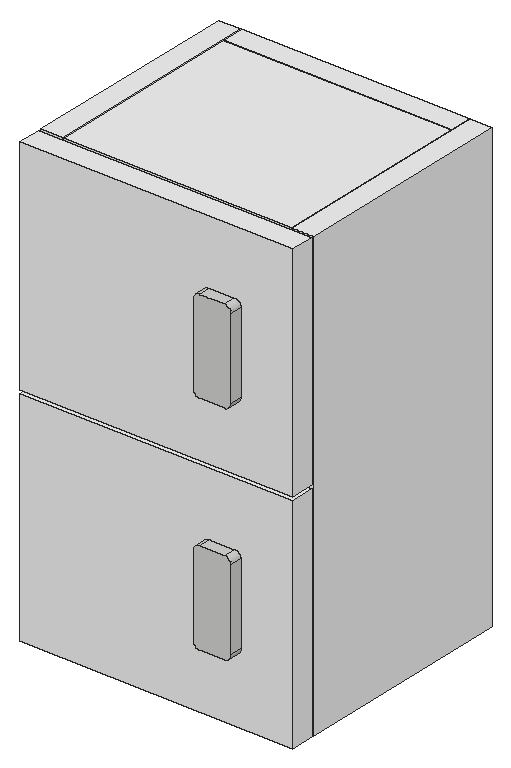
Revit family "Lockin Lockers AU_Mini Locker_R22", category Furniture, Revit 2022
Family settings
  OmniClass Number = 23.40.20.27
  OmniClass Title = Storage Shelving
  Work Plane-Based = Yes
  Always vertical = Yes
  Cut with Voids When Loaded = No
  Render Appearance Source = Family Geometry
  Shared = Yes
  Room Calculation Point = No
Parameters (values of type "Mini Locker 2 door (ML2)")
  Width Control = if(Desired Width > Maximum Width, Maximum Width, if(Desired Width < Minimum Width, Minimum Width, Desired Width))  # 220 mm
  URL = "https://www.lockin.com.au/lockers/mini-lockers/ml2-locker"
  TH Wall = 18 mm  # constant formula
  N_Shelves = N_Doors  # 2
  N_Doors = 2
  Locker Joint = 3 mm  # constant formula
  Height Control = if(Desired Height > Maximum Height, Maximum Height, if(Desired Height < Minimum Height, Minimum Height, Desired Height))  # 360 mm
  Minimum Width = 160 mm  # constant formula
  Minimum Height = 320 mm
  Minimum Depth = 200 mm  # constant formula
  Maximum Width = 220 mm  # constant formula
  Maximum Height = 400 mm
  Maximum Depth = 400 mm  # constant formula
  LH Door Swing [instance] = not(RH Door Swing)  # no
  Model = "ML2"
  Manufacturer = "Lockin Lockers AU"  # constant formula
  RH Door Swing [instance] = yes
  H Locker = (Height Control / (N_Doors)) - ((Locker Joint * (N_Doors - 1)) / N_Doors)  # 178.5 mm
  Door Type = Lockin_Locker Door_Standard_R22 : Standard Door/Combination Lock
  Door Material = Material - Melamine - Laminex or Polytec Finish
  Description = "Mini Locker 2 door"
  Depth Control = if(Desired Depth > Maximum Depth, Maximum Depth, if(Desired Depth < Minimum Depth, Minimum Depth, Desired Depth))  # 200 mm
  Default Elevation = 0 mm  # constant formula
  Desired Height = 360 mm
  Desired Depth = 200 mm
  Desired Width = 250 mm
  Body/Frame Material = Material - Melamine - Laminex or Polytec Finish
  Assembly Code = ""
Types (8, lengths in mm): name | URL | N_Shelves | N_Doors | Height Control | Minimum Height | Maximum Height | Model | H Locker | Description | Desired Height
  (no name) | "https://www.lockin.com.au/lockers/mini-lockers/ml2-locker" | 2 | 2 | 360 | 320 | 400 | "ML2" | 178.5 | "Mini Locker 2 door" | 360
  Mini Locker 2 door (ML2) | "https://www.lockin.com.au/lockers/mini-lockers/ml2-locker" | 2 | 2 | 360 | 320 | 400 | "ML2" | 178.5 | "Mini Locker 2 door" | 360
  Mini Locker 8 door (ML8) | "https://www.lockin.com.au/lockers/mini-lockers/ml8-locker" | 8 | 8 | 1440 | 1280 | 1600 | "ML8" | 177.375 | "Mini Locker 8 door" | 1440
  Mini Locker 3 door (ML3) | "https://www.lockin.com.au/lockers/mini-lockers/ml3-locker" | 3 | 3 | 540 | 480 | 600 | "ML3" | 178 | "Mini Locker 3 door" | 540
  Mini Locker 4 door (ML4) | "https://www.lockin.com.au/lockers/mini-lockers/ml4-locker" | 4 | 4 | 720 | 640 | 800 | "ML4" | 177.75 | "Mini Locker 4 door" | 720
  Mini Locker 5 door (ML5) | "https://www.lockin.com.au/lockers/mini-lockers/ml5-locker" | 5 | 5 | 900 | 800 | 1000 | "ML5" | 177.6 | "Mini Locker 5 door" | 900
  Mini Locker 6 door (ML6) | "https://www.lockin.com.au/lockers/mini-lockers/ml6-locker" | 6 | 6 | 1080 | 960 | 1200 | "ML6" | 177.5 | "Mini Locker 6 door" | 1080
  Mini Locker 7 door (ML7) | "https://www.lockin.com.au/lockers/mini-lockers/ml7-locker" | 7 | 7 | 1260 | 1120 | 1400 | "ML7" | 177.429 | "Mini Locker 7 door" | 1260
Reference planes
  plane 1 "Back": y = -2057.4
  plane 2 "Bottom": z = 0
  plane 3 "Right": x = 181.334
  plane 4 "Left": x = -38.666
  plane 5 "Front": y = -2257.4
  plane 6 "Left Inside": x = -20.666
  plane 7 "Front Inside": y = -2238.4
  plane 8 "Right Inside": x = 163.334
  plane 9 "Back Inside": y = -2075.4
  plane 10 "4P": z = 18
  plane 11 "Center (Left/Right)": x = 71.334
  plane 12 "Front Base": y = -2207.4
  plane 13 "Back Base": y = -2189.4
  plane 14 "Left5": y = -2236.4
  plane 15 "Bottom Shelf 1": z = 160.5
  plane 16 "Bottom Shelf 2": z = 342
  plane 17 "H Locker": z = 178.5
  plane 18 "Top Joint": z = 181.5
  plane 19 "Floating Shelf Front": y = -2343.4
  plane 20 "Center (Front/Back)": y = -2157.4
  plane 21: z = 360
  plane 22 "Top ref": z = 360
  plane 23: z = 342
Forms (mm)
  Extrusion 1, solid, material "Material - Melamine - Laminex or Polytec Finish" <- "Body/Frame Material"
    sketch origin (90, -2257.4, -1725.6) x (1, 0, 0) y (0, 0, 1)
      loop
        line (-110.666, 1725.6) -> (73.334, 1725.6) -> (73.334, 1743.6) -> (-110.666, 1743.6) -> (-110.666, 1725.6)
    from -182 to -21
  Extrusion 2, solid, material "Material - Melamine - Laminex or Polytec Finish" <- "Body/Frame Material"
    sketch origin (0, 0, 0) x (1, 0, 0) y (0, 1, 0)
      loop
        line (-38.666, -2057.4) -> (-38.666, -2236.4) -> (-20.666, -2236.4) -> (-20.666, -2057.4) -> (-38.666, -2057.4)
    from 0 to 360
  Extrusion 3, solid, material "Material - Melamine - Laminex or Polytec Finish" <- "Body/Frame Material"
    sketch origin (0, 0, 0) x (1, 0, 0) y (0, 1, 0)
      loop
        line (-20.666, -2057.4) -> (-20.666, -2075.4) -> (163.334, -2075.4) -> (163.334, -2057.4) -> (-20.666, -2057.4)
    from 0 to 360
  Extrusion 4, solid, material "Material - Melamine - Laminex or Polytec Finish" <- "Body/Frame Material"
    sketch origin (2266.95, 0, 0) x (1, 0, 0) y (0, 1, 0)
      loop
        line (-2103.616, -2057.4) -> (-2103.616, -2236.4) -> (-2085.616, -2236.4) -> (-2085.616, -2057.4) -> (-2103.616, -2057.4)
    from 0 to 360
  Extrusion 5, solid, material "Material - Melamine - Laminex or Polytec Finish" <- "Body/Frame Material"
    sketch origin (90, -2257.4, -1544.1) x (1, 0, 0) y (0, 0, 1)
      loop
        line (-110.666, 1725.6) -> (73.334, 1725.6) -> (73.334, 1743.6) -> (-110.666, 1743.6) -> (-110.666, 1725.6)
    from -182 to -21
  Extrusion 6, solid, material "Material - Melamine - Laminex or Polytec Finish" <- "Body/Frame Material"
    sketch origin (0, -2507.4, -183.6) x (1, 0, 0) y (0, 0, 1)
      loop
        line (-20.666, 525.6) -> (163.334, 525.6) -> (163.334, 543.6) -> (-20.666, 543.6) -> (-20.666, 525.6)
    from -432 to -271
Dimensions and locks
  "Depth Control": plane 5 "Front" to plane 1 "Back"
  "TH Wall": plane 9 "Back Inside" to plane 1 "Back"
  "TH Wall": plane 4 "Left" to plane 6 "Left Inside"
  "TH Wall": plane 8 "Right Inside" to plane 3 "Right"
  "Width Control": plane 4 "Left" to plane 3 "Right"
  equal spacing: plane 4 "Left", plane 11 "Center (Left/Right)", plane 3 "Right"
  locked: plane 5 "Front" to plane 12 "Front Base" at 50
  locked: plane 12 "Front Base" to plane 13 "Back Base" at 18
  plane 5 "Front" to plane 7 "Front Inside" = 19 mm
  locked: plane 7 "Front Inside" to plane 14 "Left5" at 2
  "H Locker": plane 17 "H Locker" to level
  "Locker Joint": plane 18 "Top Joint" to plane 17 "H Locker"
  locked: plane 9 "Back Inside" to plane 19 "Floating Shelf Front" at 268
  equal spacing: plane 1 "Back", plane 20 "Center (Front/Back)", plane 5 "Front"
  "TH Wall": plane 17 "H Locker" to plane 15 "Bottom Shelf 1"
  "H Locker": plane 21 to plane 18 "Top Joint"
  "TH Wall": plane 21 to plane 16 "Bottom Shelf 2"
  group 1 to group 2 = 0 mm  (x2)
  group 1 to group 2 = 181.5 mm
  group 3 to group 4 = 0 mm  (x2)
  group 3 to group 4 = 181.5 mm
  "TH Wall": plane 10 "4P" to level
  "Height Control": plane 22 "Top ref" to level
  "TH Wall": plane 22 "Top ref" to plane 23
  aligned and locked: level to plane 2 "Bottom"
  aligned and locked: plane 6 "Left Inside" to Extrusion 1
  aligned and locked: plane 4 "Left" to Extrusion 2
  aligned and locked: Extrusion 2 to Extrusion 1
  aligned and locked: Extrusion 2 to plane 1 "Back"
  aligned and locked: Extrusion 3 to Extrusion 1
  aligned and locked: Extrusion 3 to plane 1 "Back"
  aligned and locked: plane 9 "Back Inside" to Extrusion 3
  aligned and locked: plane 3 "Right" to Extrusion 4
  aligned and locked: Extrusion 4 to plane 1 "Back"
  aligned and locked: plane 10 "4P" to Extrusion 1
  aligned and locked: plane 14 "Left5" to Extrusion 2
  aligned and locked: plane 14 "Left5" to Extrusion 4
  aligned and locked: Extrusion 6 to Extrusion 1  (x2)
  aligned and locked: Extrusion 1 to Extrusion 6
  aligned and locked: plane 11 "Center (Left/Right)" to nested 1
  aligned and locked: plane 18 "Top Joint" to nested 2
  aligned and locked: Extrusion 5 to plane 18 "Top Joint"
  aligned and locked: Extrusion 3 to level
  aligned and locked: Extrusion 2 to level
  aligned and locked: Extrusion 4 to level
  aligned and locked: level to nested 1
  aligned and locked: plane 22 "Top ref" to Extrusion 6
  aligned and locked: plane 6 "Left Inside" to Extrusion 5
  aligned and locked: Extrusion 1 to plane 9 "Back Inside"
  aligned and locked: Extrusion 5 to plane 9 "Back Inside"
  aligned and locked: Extrusion 5 to plane 8 "Right Inside"
  aligned and locked: plane 22 "Top ref" to Extrusion 4
  aligned and locked: plane 22 "Top ref" to Extrusion 2
  aligned and locked: plane 22 "Top ref" to Extrusion 3
  aligned and locked: Extrusion 6 to Extrusion 2
  aligned and locked: Extrusion 6 to plane 23
Automatic sketch dimensions
  Extrusion 1 sketch curve to Extrusion 1 sketch curve = 184 mm
  Extrusion 1 sketch curve to Extrusion 1 sketch curve = 18 mm
  Extrusion 5 sketch curve to Extrusion 5 sketch curve = 184 mm
  Extrusion 5 sketch curve to Extrusion 5 sketch curve = 18 mm
  Extrusion 2 sketch curve to plane 4 "Left" = 0 mm
  Extrusion 2 sketch curve to plane 6 "Left Inside" = 0 mm
  plane 14 "Left5" to Extrusion 2 sketch curve = 0 mm
  plane 1 "Back" to Extrusion 2 sketch curve = 0 mm
  Extrusion 3 sketch curve to plane 6 "Left Inside" = 0 mm
  Extrusion 3 sketch curve to plane 8 "Right Inside" = 0 mm
  plane 9 "Back Inside" to Extrusion 3 sketch curve = 0 mm
  plane 1 "Back" to Extrusion 3 sketch curve = 0 mm
  Extrusion 4 sketch curve to plane 8 "Right Inside" = 0 mm
  Extrusion 4 sketch curve to plane 3 "Right" = 0 mm
  plane 14 "Left5" to Extrusion 4 sketch curve = 0 mm
  plane 1 "Back" to Extrusion 4 sketch curve = 0 mm
  plane 6 "Left Inside" to Extrusion 6 sketch curve = 0 mm
  plane 8 "Right Inside" to Extrusion 6 sketch curve = 0 mm
  plane 21 to Extrusion 6 sketch curve = 0 mm
  plane 16 "Bottom Shelf 2" to Extrusion 6 sketch curve = 0 mm
Nested families
  nested 1: "Lockin_Locker Door_Standard_R22" at (110, -181, 0), W Locker <- "Width Control", H Locker <- "H Locker", Locker Material <- "Body/Frame Material", type <- "Door Type", LH <- "LH Door Swing", RH <- "RH Door Swing", type "Standard Door/Combination Lock"
    with W Locker 220 mm, Std RH yes, Std LH no, RH yes, Locker Material Material - Melamine - Laminex or Polytec Finish, LH no, H Locker 178.5 mm
  nested 2: "Lockin_Locker Door_Standard_R22" at (110, -181, 181.5), W Locker <- "Width Control", H Locker <- "H Locker", Locker Material <- "Body/Frame Material", type <- "Door Type", LH <- "LH Door Swing", RH <- "RH Door Swing", type "Standard Door/Combination Lock"
    with W Locker 220 mm, Std RH yes, Std LH no, RH yes, Locker Material Material - Melamine - Laminex or Polytec Finish, LH no, H Locker 178.5 mm
Definition of nested family "Lockin_Locker Door_Standard_R22"
  Parameters (values of type "Standard Door/Combination Lock")
    W Locker [instance] = 457.2 mm
    URL = ""
    TH Locker = 18.999 mm  # constant formula
    Std RH [instance] = if(and(Standard Door, RH), 1 = 1, 1 = 0)  # yes
    Std LH [instance] = if(and(Standard Door, LH), 1 = 1, 1 = 0)  # no
    Standard Door = yes
    RH [instance] = yes
    Model = ""
    Manufacturer = "Lockin Lockers"  # constant formula
    Lock Type = Lockin_Lock_R22 : Combination Lock
    LH [instance] = no
    H Locker [instance] = 1270 mm
    Description = ""
    Locker Material [instance] = none
    Default Elevation = 1219.2 mm
  Types (2, lengths in mm): name | Lock Type
    Standard Door/Combination Lock | Lockin_Lock_R22 : Combination Lock
    Standard Door/OCS Lock | Lockin_Lock_R22 : OCS Lock
  Reference planes
    plane 1 "Back": y = -2057.4
    plane 2 "Bottom": z = 0
    plane 3 "Left": x = 308.534
    plane 4 "Right": x = -148.666
    plane 5 "Top": z = 1270
    plane 6 "Front": y = -2076.399
    plane 7 "W Lock LH": x = -91.516
    plane 8 "H Lock": z = 635
    plane 9 "W Lock RH": x = 251.384
    plane 10: z = 970
    plane 11: z = 300
    plane 12 "Center (Left/Right)": x = 79.934
    plane 13 "wave bottom": z = 150
    plane 14 "wave top": z = 1120
  Forms (mm)
    Extrusion 1, solid, material <- "Locker Material", visible <- "Standard Door"
      sketch origin (0, -2076.399, 0) x (1, 0, 0) y (0, 0, 1)
        loop
          line (-148.666, 1270) -> (-148.666, 0) -> (308.534, 0) -> (308.534, 1270) -> (-148.666, 1270)
      from -18.999 to 0
  Dimensions and locks
    "W Locker": plane 4 "Right" to plane 3 "Left"
    "TH Locker": plane 6 "Front" to plane 1 "Back"
    "H Locker": plane 5 "Top" to level
    locked: plane 4 "Right" to plane 7 "W Lock LH" at 57.15
    locked: plane 3 "Left" to plane 9 "W Lock RH" at 57.15
    equal spacing: plane 5 "Top", plane 8 "H Lock", level
    locked: plane 5 "Top" to plane 10 at 300
    locked: plane 11 to level at 300
    equal spacing: plane 4 "Right", plane 12 "Center (Left/Right)", plane 3 "Left"
    equal spacing: plane 5 "Top", plane 14 "wave top", plane 10
    equal spacing: plane 11, plane 13 "wave bottom", level
    aligned and locked: level to plane 2 "Bottom"
    aligned and locked: plane 5 "Top" to Extrusion 1
    aligned and locked: plane 3 "Left" to Extrusion 1
    aligned and locked: Extrusion 1 to level
    aligned and locked: plane 4 "Right" to Extrusion 1
    aligned and locked: Extrusion 1 to plane 1 "Back"
    aligned and locked: plane 6 "Front" to Extrusion 1
    aligned and locked: plane 9 "W Lock RH" to nested 2
    aligned and locked: nested 1 to plane 7 "W Lock LH"
    aligned and locked: plane 6 "Front" to nested 1
    aligned and locked: plane 6 "Front" to nested 2
  Automatic sketch dimensions
    Extrusion 1 sketch curve to level = 0 mm
    plane 4 "Right" to Extrusion 1 sketch curve = 0 mm
    Extrusion 1 sketch curve to plane 3 "Left" = 0 mm
    Extrusion 1 sketch curve to plane 5 "Top" = 0 mm
  Nested families
    nested 1: "Lockin_Lock_R22" at (-1009.65, -18.999, 635), visible <- "Std LH", type <- "Lock Type", type "Combination Lock"
    nested 2: "Lockin_Lock_R22" at (-666.75, -18.999, 635), visible <- "Std RH", type <- "Lock Type", type "Combination Lock"
  Definition of nested family "Lockin_Lock_R22"
    Parameters (values of type "OCS Lock")
      vis_Combination = no
      vis_OCS = yes
      W = 50 mm
      URL = ""
      Lock Material = none
      Model = ""
      Manufacturer = "Lockin Lockers"  # constant formula
      H = 75 mm
      Description = ""
      Default Elevation = 0 mm
      D = 15 mm
    Types (2, lengths in mm): name | vis_Combination | vis_OCS | W | D
      OCS Lock | no | yes | 50 | 15
      Combination Lock | yes | no | 30 | 10
    Reference planes
      plane 1 "Back": y = -2057.4
      plane 2: z = 0
      plane 3 "Left": x = 918.134
      plane 4 "Center (Left/Right)": x = 918.134
      plane 5: x = 943.134
      plane 6: x = 893.134
      plane 7 "Front": y = -2072.4
      plane 8: z = 37.5
      plane 9: z = -37.5
    Forms (mm)
      Extrusion 1, solid, material <- "Lock Material"
        sketch origin (0, -2057.4, 0) x (1, 0, 0) y (0, 0, 1)
          loop
            arc (898.134, 37.5) -> (894.598, 36.036) -> (893.134, 32.5) r 5
            line (893.134, 32.5) -> (893.134, -32.5)
            arc (893.134, -32.5) -> (894.598, -36.036) -> (898.134, -37.5) r 5
            line (898.134, -37.5) -> (938.134, -37.5)
            arc (938.134, -37.5) -> (941.669, -36.036) -> (943.134, -32.5) r 5
            line (943.134, -32.5) -> (943.134, 32.5)
            arc (943.134, 32.5) -> (941.669, 36.036) -> (938.134, 37.5) r 5
            line (938.134, 37.5) -> (898.134, 37.5)
        from 0 to 15
    Dimensions and locks
      "D": plane 1 "Back" to plane 7 "Front"
      equal spacing: plane 6, plane 4 "Center (Left/Right)", plane 5
      "H": plane 8 to plane 9
      "W": plane 6 to plane 5
      equal spacing: plane 8, level, plane 9
      aligned and locked: level to plane 2
      aligned and locked: plane 6 to Extrusion 1 sketch curve
      aligned and locked: Extrusion 1 sketch curve to plane 8
      aligned and locked: plane 5 to Extrusion 1 sketch curve
      aligned and locked: plane 9 to Extrusion 1 sketch curve
      aligned and locked: Extrusion 1 to plane 1 "Back"
      aligned and locked: Extrusion 1 to plane 7 "Front"
    Automatic sketch dimensions
      plane 6 to Extrusion 1 sketch curve = 5 mm  (x2)
      plane 5 to Extrusion 1 sketch curve = 5 mm  (x2)
